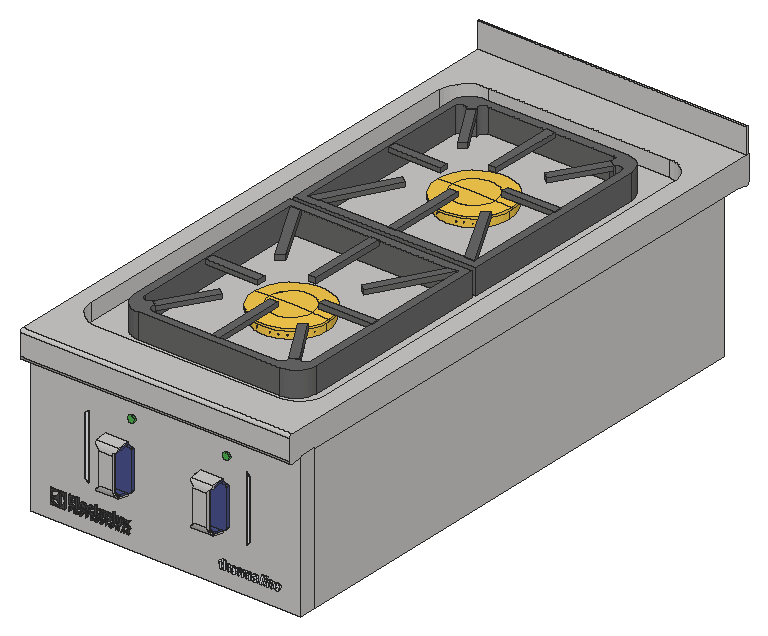
Revit family "QF_ELECTROLUXPROFESSIONAL_588523_MBGCBBDOPO", category Attrezzature speciali, Revit 2020 (continued)
Definition of nested family "Therma_One_Burner_Long"
  Dimensions and locks
    equal spacing: plane 4, plane 3 "Center (Left/Right)", plane 5
    plane 9 to plane 8 = 318 mm
  Automatic sketch dimensions
    curve 1 to curve 2 = 0 mm  (x2)
    curve 1 to curve 3 = 0 mm  (x2)
    curve 1 to curve 4 = 0 mm  (x2)
    curve 2 to curve 3 = 0 mm  (x2)
    curve 2 to curve 4 = 0 mm  (x2)
    curve 3 to curve 4 = 0 mm  (x2)
    curve 5 to plane 4 = 0 mm
    plane 8 to curve 6 = 0 mm
    plane 1 "Center (Front/Back)" to curve 2 = 0 mm
    curve 2 to plane 3 "Center (Left/Right)" = 0 mm
    curve 45 to plane 5 = 0 mm
    curve 46 to plane 9 = 0 mm
    plane 4 to curve 39 = 11.407 mm
    curve 41 to plane 1 "Center (Front/Back)" = 5.75 mm
    plane 4 to curve 41 = 11.5 mm
    curve 8 to curve 9 = 8 mm
    curve 9 to curve 10 = 5.512 mm
    curve 37 to curve 38 = 14.846 mm
    curve 10 to curve 5 = 4.988 mm
    plane 8 to curve 12 = 24.39 mm
    curve 5 to curve 12 = 6.034 mm
    curve 12 to curve 13 = 6.332 mm
    curve 10 to plane 3 "Center (Left/Right)" = 66.032 mm
    curve 36 to plane 3 "Center (Left/Right)" = 66.032 mm
    curve 10 to curve 11 = 9.51 mm
    curve 36 to curve 36 = 9.51 mm
    plane 1 "Center (Front/Back)" to curve 40 = 5.75 mm
    curve 40 to plane 3 "Center (Left/Right)" = 45 mm
    curve 38 to plane 3 "Center (Left/Right)" = 5.75 mm
    curve 13 to plane 3 "Center (Left/Right)" = 5.75 mm
    plane 3 "Center (Left/Right)" to curve 32 = 5.75 mm
    plane 3 "Center (Left/Right)" to curve 43 = 5.75 mm
    plane 1 "Center (Front/Back)" to curve 25 = 5.75 mm
    plane 3 "Center (Left/Right)" to curve 25 = 45 mm
    curve 25 to curve 29 = 11.522 mm
    curve 24 to curve 19 = 11.522 mm
    curve 19 to curve 20 = 9.51 mm
    curve 27 to curve 28 = 9.51 mm
    plane 8 to curve 18 = 19.5 mm
    curve 18 to plane 5 = 42.366 mm
    curve 18 to curve 19 = 6.332 mm
    curve 17 to curve 6 = 12.366 mm
    plane 9 to curve 29 = 11.724 mm
    curve 29 to plane 5 = 26.253 mm
    curve 44 to curve 21 = 4.988 mm
    curve 21 to curve 22 = 5.512 mm
    curve 22 to curve 23 = 8 mm
    curve 31 to plane 5 = 11.407 mm
    plane 9 to curve 28 = 11.724 mm
    plane 9 to curve 37 = 11.724 mm
    curve 38 to curve 30 = 0 mm
    curve 29 to curve 3 = 53.4 mm
    curve 35 to curve 4 = 53.4 mm
    curve 27 to curve 28 = 6.909 mm
    curve 35 to curve 37 = 6.909 mm
    plane 1 "Center (Front/Back)" to curve 33 = 38.5 mm
    curve 24 to plane 1 "Center (Front/Back)" = 5.75 mm
    curve 15 to plane 1 "Center (Front/Back)" = 33 mm
    curve 2 to curve 21 = 46.491 mm
    curve 1 to curve 10 = 46.491 mm
    curve 10 to curve 11 = 6.909 mm
    curve 20 to curve 20 = 6.909 mm
    curve 8 to curve 5 = 5.139 mm
    curve 22 to curve 44 = 5.139 mm
    curve 19 to curve 18 = 4.89 mm
    curve 12 to curve 14 = 4.89 mm
    curve 1 to curve 41 = 9.699 mm
    curve 4 to curve 40 = 9.699 mm
    curve 1 to plane 3 "Center (Left/Right)" = 6.867 mm
    curve 4 to plane 3 "Center (Left/Right)" = 6.867 mm
    plane 3 "Center (Left/Right)" to curve 2 = 6.867 mm
    plane 3 "Center (Left/Right)" to curve 3 = 6.867 mm
    curve 25 to curve 3 = 9.699 mm
    curve 24 to curve 2 = 9.699 mm
    level to Extrusion 1 sketch curve = 6.05 mm
    level to Extrusion 2 sketch curve = 6.05 mm
    level to Extrusion 3 sketch curve = 6.05 mm
    level to Extrusion 4 sketch curve = 6.05 mm
    level to Extrusion 5 sketch curve = 6.05 mm
    level to Extrusion 6 sketch curve = 6.05 mm
    level to Extrusion 7 sketch curve = 6.05 mm
    level to Extrusion 8 sketch curve = 6.05 mm
    level to Extrusion 9 sketch curve = 6.05 mm
    level to Extrusion 10 sketch curve = 6.05 mm
    level to Extrusion 11 sketch curve = 6.05 mm
    level to Extrusion 12 sketch curve = 6.05 mm
    level to Extrusion 13 sketch curve = 6.05 mm
    level to Extrusion 14 sketch curve = 6.05 mm
    level to Extrusion 15 sketch curve = 6.05 mm
    level to Extrusion 16 sketch curve = 6.05 mm
    level to Extrusion 17 sketch curve = 6.05 mm
    level to Extrusion 18 sketch curve = 6.05 mm
    level to Extrusion 19 sketch curve = 6.05 mm
    level to Extrusion 20 sketch curve = 6.05 mm
    level to Extrusion 21 sketch curve = 6.05 mm
    level to Extrusion 22 sketch curve = 6.05 mm
    level to Extrusion 23 sketch curve = 6.05 mm
    level to Extrusion 24 sketch curve = 6.05 mm
    level to Extrusion 25 sketch curve = 6.05 mm
    level to Extrusion 26 sketch curve = 6.05 mm
    Extrusion 27 sketch curve to plane 4 = 0 mm
    plane 8 to Extrusion 27 sketch curve = 0 mm
    Extrusion 27 sketch curve to plane 5 = 0 mm
    Extrusion 27 sketch curve to plane 9 = 0 mm
    plane 4 to Extrusion 27 sketch curve = 11.5 mm
    Extrusion 27 sketch curve to Extrusion 27 sketch curve = 8 mm
    Extrusion 27 sketch curve to Extrusion 27 sketch curve = 5.512 mm
    Extrusion 27 sketch curve to Extrusion 27 sketch curve = 0.842 mm  (x2)
    Extrusion 27 sketch curve to Extrusion 27 sketch curve = 4.988 mm
    Extrusion 27 sketch curve to Extrusion 27 sketch curve = 6.034 mm  (x2)
    plane 8 to Extrusion 27 sketch curve = 11.5 mm
    Extrusion 27 sketch curve to Extrusion 27 sketch curve = 6.332 mm  (x2)
    Extrusion 27 sketch curve to plane 5 = 42.366 mm
    Extrusion 27 sketch curve to Extrusion 27 sketch curve = 4.146 mm
    Extrusion 27 sketch curve to Extrusion 27 sketch curve = 6.354 mm
    Extrusion 27 sketch curve to plane 5 = 11.5 mm
    plane 9 to Extrusion 27 sketch curve = 11.724 mm
    Extrusion 27 sketch curve to Extrusion 27 sketch curve = 5.139 mm  (x2)
    Extrusion 27 sketch curve to Extrusion 27 sketch curve = 1.359 mm  (x2)
    plane 4 to Extrusion 28 sketch curve = 11.407 mm  (x2)
    plane 4 to Extrusion 28 sketch curve = 25.854 mm
    Extrusion 28 sketch curve to Extrusion 28 sketch curve = 14.846 mm
    plane 8 to Extrusion 28 sketch curve = 24.39 mm  (x2)
    Extrusion 28 sketch curve to Extrusion 28 sketch curve = 10.18 mm  (x2)
    Extrusion 28 sketch curve to plane 3 "Center (Left/Right)" = 66.032 mm  (x2)
    Extrusion 28 sketch curve to Extrusion 28 sketch curve = 9.51 mm  (x4)
    plane 1 "Center (Front/Back)" to Extrusion 28 sketch curve = 5.75 mm  (x2)
    Extrusion 28 sketch curve to plane 3 "Center (Left/Right)" = 45 mm
    Extrusion 28 sketch curve to plane 3 "Center (Left/Right)" = 5.75 mm  (x2)
    plane 3 "Center (Left/Right)" to Extrusion 28 sketch curve = 5.75 mm  (x2)
    plane 3 "Center (Left/Right)" to Extrusion 28 sketch curve = 45 mm
    Extrusion 28 sketch curve to Extrusion 28 sketch curve = 11.522 mm  (x2)
    Extrusion 28 sketch curve to plane 5 = 36.034 mm
    plane 9 to Extrusion 28 sketch curve = 11.724 mm  (x3)
    Extrusion 28 sketch curve to plane 5 = 26.253 mm
    Extrusion 28 sketch curve to plane 5 = 11.407 mm  (x2)
    Extrusion 28 sketch curve to Extrusion 28 sketch curve = 53.4 mm  (x2)
    Extrusion 28 sketch curve to Extrusion 28 sketch curve = 6.909 mm  (x4)
    plane 1 "Center (Front/Back)" to Extrusion 28 sketch curve = 38.5 mm
    Extrusion 28 sketch curve to plane 1 "Center (Front/Back)" = 5.75 mm  (x2)
    Extrusion 28 sketch curve to plane 1 "Center (Front/Back)" = 33 mm
    Extrusion 28 sketch curve to Extrusion 28 sketch curve = 46.491 mm  (x2)
    plane 8 to Extrusion 28 sketch curve = 11.5 mm
    Revolve 29 sketch curve to plane 5 = 190.017 mm
    Revolve 29 sketch curve to level = 0 mm  (x2)
    Revolve 29 sketch curve to plane 5 = 187.273 mm
    Revolve 29 sketch curve to Revolve 29 sketch curve = 20.661 mm
    Revolve 29 sketch curve to Revolve 29 sketch curve = 31.612 mm
    Revolve 29 sketch curve to Revolve 29 sketch curve = 12.194 mm
    Revolve 29 sketch curve to Revolve 29 sketch curve = 0.684 mm
    Revolve 29 sketch curve to Revolve 29 sketch curve = 2.8 mm
    level to Revolve 29 sketch curve = 17.388 mm
    Revolve 29 sketch curve to Revolve 29 sketch curve = 0 mm
    Revolve 29 sketch curve to Revolve 29 sketch curve = 67.612 mm
    radius of Extrusion 1 sketch curve = 1 mm
    radius of Extrusion 2 sketch curve = 1 mm
    radius of Extrusion 3 sketch curve = 1 mm
    radius of Extrusion 4 sketch curve = 1 mm
    radius of Extrusion 5 sketch curve = 1 mm
    radius of Extrusion 6 sketch curve = 1 mm
    radius of Extrusion 7 sketch curve = 1 mm
    radius of Extrusion 8 sketch curve = 1 mm
    radius of Extrusion 9 sketch curve = 1 mm
    radius of Extrusion 10 sketch curve = 1 mm
    radius of Extrusion 11 sketch curve = 1 mm
    radius of Extrusion 12 sketch curve = 1 mm
    radius of Extrusion 13 sketch curve = 1 mm
    radius of Extrusion 14 sketch curve = 1 mm
    radius of Extrusion 15 sketch curve = 1 mm
    radius of Extrusion 16 sketch curve = 1 mm
    radius of Extrusion 17 sketch curve = 1 mm
    radius of Extrusion 18 sketch curve = 1 mm
    radius of Extrusion 19 sketch curve = 1 mm
    radius of Extrusion 20 sketch curve = 1 mm
    radius of Extrusion 21 sketch curve = 1 mm
    radius of Extrusion 22 sketch curve = 1 mm
    radius of Extrusion 23 sketch curve = 1 mm
    radius of Extrusion 24 sketch curve = 1 mm
    radius of Extrusion 25 sketch curve = 1 mm
    radius of Extrusion 26 sketch curve = 1 mm
